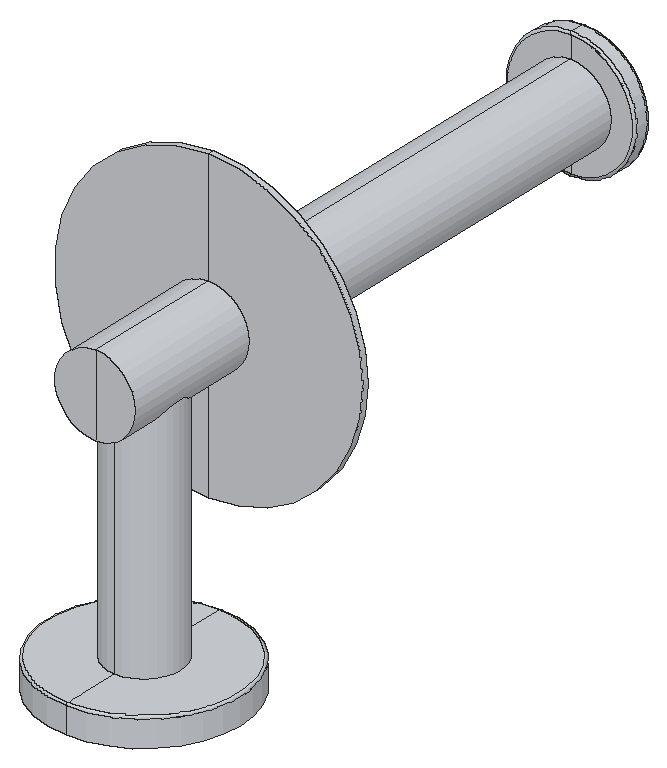
Revit family "Accessory-Tissue_Holder-KOHLER-Stillness-K-14459", category Specialty Equipment, host Face, Revit 2015
Parameters (values of type "CP-Polished Chrome")
  Width = 4 5/16"  # constant formula
  URL = "https://www.us.kohler.com/us/"
  Type = 1
  Product Page URL = "http://www.us.kohler.com/us/catalog/productDetails.jsp?productNumber=14459"
  Product Name = "Stillness"  # constant formula
  Product Documentation Link = "http://www.us.kohler.com/onlinecatalog/pdf/K-14459_spec.pdf"
  Model = if(Type = 1, "K-14459-CP", if(Type = 2, "K-14459-BN", "NA"))  # "K-14459-CP"
  Material = "Solid-Brass construction"  # constant formula
  MasterFormat 2004 = "10.28.13"  # constant formula
  MasterFormat 1995 = "10820"  # constant formula
  Manufacturer Address = "444 Highland Dr, Kohler, WI 53044"  # constant formula
  Manufacturer = "KOHLER Co."  # constant formula
  Length = 3"  # constant formula
  Height = 6 5/16"  # constant formula
  Finish = Kohler-Metal-CP-Polished_Chrome
  Environmental Product Declaration = ""
  Description = "Vertical toilet tissue holder"  # constant formula
  Default Elevation = 42"
  Declare Label = ""
  Date Modified = "10/12/2018"  # constant formula
  Date Created = "10/12/2018"  # constant formula
  Copyright = "Copyright KOHLER Co."  # constant formula
  Contact Us = "https://www.us.kohler.com/us/static/contact.jsp"
  Assembly Code = "C1030200"
  ADA Compliant = 1 = 0  # no
Types (3): name | Type | Model | Finish
  (no name) | 1 | "K-14459-CP" | Kohler-Metal-CP-Polished_Chrome
  CP-Polished Chrome | 1 | "K-14459-CP" | Kohler-Metal-CP-Polished_Chrome
  BN-Vibrant Brushed Nickel | 2 | "K-14459-BN" | Kohler-Metal-BN-Vibrant_Brushed_Nickel
Reference planes (in)
  plane 1 "Center (Front/Back)": y = 0
  plane 2: z = -0.01563
  plane 3 "Center (Left/Right)": x = 0
  plane 4: z = 4.29687
  plane 5: x = -1.5
  plane 6: x = 1.5
  plane 7: y = 5.36762
  plane 8: y = -0.94488
Dimensions and locks (in)
  equal spacing: plane 6, plane 3 "Center (Left/Right)", plane 5
  "Length": plane 5 to plane 6
  "Height": plane 7 to plane 8
  "Width": plane 4 to level
  aligned and locked: plane 2 to host face
Automatic sketch dimensions
  host sketch curve to host sketch curve = 96"  (x2)
Nested families (in)
  nested 1: "K-14459" at (0, 0, 0.26562), type "K-14459"
Definition of nested family "K-14459"
  Parameters (values of type "K-14459")
    Material = none
  Reference planes (in)
    plane 1 "Center (Front/Back)": y = 0
    plane 2: z = 0
    plane 3 "Center (Left/Right)": x = 0
    plane 4: x = 1.5
    plane 5: x = -1.5
    plane 6: z = 4.03125
    plane 7: y = -0.94488
    plane 8: y = 5.36762
    plane 9: z = 2.53125
    plane 10: z = -0.28125
  Forms (in)
    Revolve 1, solid, material <- "Material", detail levels medium+fine
      sketch origin (0, -5.12656, 0.01124) x (0, 0, -1) y (0, 1, 0)
        loop
          line (-2.52001, 4.53601) -> (-2.52001, 10.49418) -> (-3.12793, 10.49418)
          arc (-3.12793, 10.49418) -> (-3.14349, 10.48773) -> (-3.14993, 10.47217) r 0.02201
          line (-3.14993, 10.47217) -> (-3.14993, 10.34352)
          arc (-3.14993, 10.34352) -> (-3.14376, 10.3286) -> (-3.12884, 10.32242) r 0.02109
          line (-3.12884, 10.32242) -> (-2.91371, 10.32242) -> (-2.91371, 5.97301) -> (-4.02001, 5.97301) -> (-4.02001, 5.91396) -> (-2.91371, 5.91396) -> (-2.91371, 4.53601) -> (-2.52001, 4.53601)
        axis (-2.52001, 4.53601) -> (-2.52001, 10.49418)
      angle from 0 to 360
    Revolve 2, solid, material <- "Material", detail levels medium+fine
      sketch origin (0, -1.28427, -1.28427) x (0, 0, -1) y (0, 1, 0)
        loop
          line (-1.00302, 1.28427) -> (-3.85282, 1.28427) -> (-3.85282, 0.92994) -> (-1.27861, 0.92994) -> (-1.27861, 0.3608)
          arc (-1.27861, 0.3608) -> (-1.27234, 0.34566) -> (-1.25721, 0.33939) r 0.02141
          line (-1.25721, 0.33939) -> (-1.00302, 0.33939) -> (-1.00302, 1.28427)
        axis (-1.00302, 1.28427) -> (-3.85282, 1.28427)
      angle from 0 to 360
    Revolve 3, solid, material <- "Material", detail levels coarse
      sketch origin (0, 0, 0) x (0, 1, 0) y (0, 0, 1)
        loop
          line (5.36762, 2.53125) -> (5.36762, 3.15933) -> (0.84646, 3.15933) -> (0.84646, 4.03125) -> (0.7874, 4.03125) -> (0.7874, 2.92495) -> (-0.59055, 2.92495) -> (-0.59055, 2.53125) -> (5.36762, 2.53125)
        axis (5.36762, 2.53125) -> (-0.59055, 2.53125)
      angle from 0 to 360
    Revolve 4, solid, material <- "Material", detail levels coarse
      sketch origin (0, 0, 0) x (0, 1, 0) y (0, 0, 1)
        loop
          line (0, -0.28125) -> (0, 2.41593) -> (-0.35433, 2.41593) -> (-0.35433, -0.00569) -> (-0.94488, -0.00569) -> (-0.94488, -0.28125) -> (0, -0.28125)
        axis (0, 2.41593) -> (0, -0.28125)
      angle from 0 to 360
  Cuts and joins
    joined: Revolve 1, Revolve 2
  Lines and regions (in)
    Masking region 1
      outline origin (0, 0, 0) x (1, 0, 0) y (0, 0, 1)
        loop
          line (0.94488, -0.28125) -> (0.94488, -0.02679)
          arc (0.94488, -0.02679) -> (0.93869, -0.01185) -> (0.92375, -0.00566) r 0.02113
          line (0.92375, -0.00566) -> (0.35433, -0.00566) -> (0.35433, 1.07317)
          arc (0.35433, 1.07317) -> (1.15905, 1.57662) -> (1.5, 2.4625) r 1.49894
          line (1.5, 2.4625) -> (1.5, 2.52815)
          arc (1.5, 2.52815) -> (1.20994, 3.41805) -> (0.44964, 3.96396) r 1.50366
          arc (0.44964, 3.96396) -> (0.25311, 4.01088) -> (0.05209, 4.03125) r 1.51676
          line (0.05209, 4.03125) -> (-0.0521, 4.03125)
          arc (-0.0521, 4.03125) -> (-0.25266, 4.01095) -> (-0.44875, 3.96424) r 1.51676
          arc (-0.44875, 3.96424) -> (-1.20966, 3.41843) -> (-1.5, 2.52815) r 1.50366
          line (-1.5, 2.52815) -> (-1.5, 2.4625)
          arc (-1.5, 2.4625) -> (-1.15905, 1.57662) -> (-0.35433, 1.07317) r 1.49894
          line (-0.35433, 1.07317) -> (-0.35433, -0.00566) -> (-0.92375, -0.00566)
          arc (-0.92375, -0.00566) -> (-0.93869, -0.01185) -> (-0.94488, -0.02679) r 0.02113
          line (-0.94488, -0.02679) -> (-0.94488, -0.28125) -> (0.94488, -0.28125)
    Masking region 2
      outline origin (0, 0, -0.02641) x (0, 1, 0) y (0, 0, 1)
        loop
          line (5.19587, 2.95136) -> (0.84646, 2.95136) -> (0.84646, 4.05766) -> (0.7874, 4.05766) -> (0.7874, 2.95136) -> (-0.59055, 2.95136) -> (-0.59055, 2.16396) -> (-0.35433, 2.16396) -> (-0.35433, 0.02075) -> (-0.9224, 0.02075)
          arc (-0.9224, 0.02075) -> (-0.9383, 0.01416) -> (-0.94488, -0.00174) r 0.02248
          line (-0.94488, -0.00174) -> (-0.94488, -0.25484) -> (0.94488, -0.25484) -> (0.94488, -0.00174)
          arc (0.94488, -0.00174) -> (0.9383, 0.01416) -> (0.9224, 0.02075) r 0.02248
          line (0.9224, 0.02075) -> (0.35433, 0.02075) -> (0.35433, 2.16396) -> (0.7874, 2.16396) -> (0.7874, 1.05766) -> (0.84646, 1.05766) -> (0.84646, 2.16396) -> (5.19587, 2.16396) -> (5.19587, 1.94971)
          arc (5.19587, 1.94971) -> (5.20232, 1.93413) -> (5.21789, 1.92768) r 0.02202
          line (5.21789, 1.92768) -> (5.34563, 1.92768)
          arc (5.34563, 1.92768) -> (5.36118, 1.93412) -> (5.36762, 1.94967) r 0.02199
          line (5.36762, 1.94967) -> (5.36762, 3.16565)
          arc (5.36762, 3.16565) -> (5.36118, 3.1812) -> (5.34563, 3.18764) r 0.02199
          line (5.34563, 3.18764) -> (5.21789, 3.18764)
          arc (5.21789, 3.18764) -> (5.20232, 3.18119) -> (5.19587, 3.16561) r 0.02202
          line (5.19587, 3.16561) -> (5.19587, 2.95136)
    Masking region 3
      outline origin (0, 0, 0) x (1, 0, 0) y (0, 1, 0)
        loop
          arc (-0.3937, 0.86274) -> (-0.40812, 0.85515) -> (-0.4219, 0.84646) r 0.20714
          line (-0.4219, 0.84646) -> (-1.5, 0.84646) -> (-1.5, 0.7874) -> (-0.5223, 0.7874)
          arc (-0.5223, 0.7874) -> (0, -0.94488) -> (0.5223, 0.7874) r 0.94488
          line (0.5223, 0.7874) -> (1.5, 0.7874) -> (1.5, 0.84646) -> (0.4219, 0.84646)
          arc (0.4219, 0.84646) -> (0.40812, 0.85515) -> (0.3937, 0.86274) r 0.20714
          line (0.3937, 0.86274) -> (0.3937, 5.19587) -> (0.6091, 5.19587)
          arc (0.6091, 5.19587) -> (0.62382, 5.20196) -> (0.62992, 5.21669) r 0.02082
          line (0.62992, 5.21669) -> (0.62992, 5.3447)
          arc (0.62992, 5.3447) -> (0.62321, 5.36091) -> (0.607, 5.36762) r 0.02292
          line (0.607, 5.36762) -> (-0.607, 5.36762)
          arc (-0.607, 5.36762) -> (-0.62321, 5.36091) -> (-0.62992, 5.3447) r 0.02292
          line (-0.62992, 5.3447) -> (-0.62992, 5.21669)
          arc (-0.62992, 5.21669) -> (-0.62382, 5.20196) -> (-0.6091, 5.19587) r 0.02082
          line (-0.6091, 5.19587) -> (-0.3937, 5.19587) -> (-0.3937, 0.86274)
    symbolic lines, detail levels medium+fine
      curve 1: line (0.35433, 0, -0.00566) -> (-0.35433, 0, -0.00566)
      curve 2: circle (0, 0, 2.53422) r 0.62999 normal (0, -1, 0)
      curve 3: line (0, 5.19587, 2.92495) -> (0, 5.19587, 2.13755)
      curve 4: line (0, 0.84646, 2.92495) -> (0, 0.84646, 2.13755)
      curve 5: line (0, 0.7874, 2.92495) -> (0, 0.7874, 2.13755)
      curve 6: line (0, 0.35433, -0.00569) -> (0, -0.35433, -0.00569)
      curve 7: line (-0.4219, 0.84646, 0) -> (0.4219, 0.84646, 0)
      curve 8: line (-0.5223, 0.7874, 0) -> (0.5223, 0.7874, 0)
      curve 9: line (-0.3937, -0.59055, 0) -> (-0.3937, 0.7874, 0)
      curve 10: line (-0.3937, -0.59055, 0) -> (0.3937, -0.59055, 0)
      curve 11: line (0.3937, -0.59055, 0) -> (0.3937, 0.7874, 0)
      curve 12: line (-0.3937, 5.19587, 0) -> (0.3937, 5.19587, 0)
      curve 13: line (0, 0.35433, 2.13755) -> (0, -0.35433, 2.13755)
      curve 14: arc (-0.35433, 0, 1.07317) -> (0, 0, 1.02963) -> (0.35433, 0, 1.07317) r 1.46344
      curve 15: line (-0.3937, 0.87969, 0) -> (-0.3937, 0.84646, 0)
      curve 16: line (0.3937, 0.87969, 0) -> (0.3937, 0.84646, 0)
  Dimensions and locks (in)
    plane 8 to plane 7 = 6 5/16"
    plane 5 to plane 3 "Center (Left/Right)" to plane 4 = 1 1/2", 1 1/2"
    plane 6 to plane 9 = 1 1/2"
    plane 6 to plane 10 = 4 5/16"
    plane 10 to plane 6 = 4 5/16"
    aligned and locked: level to plane 2
